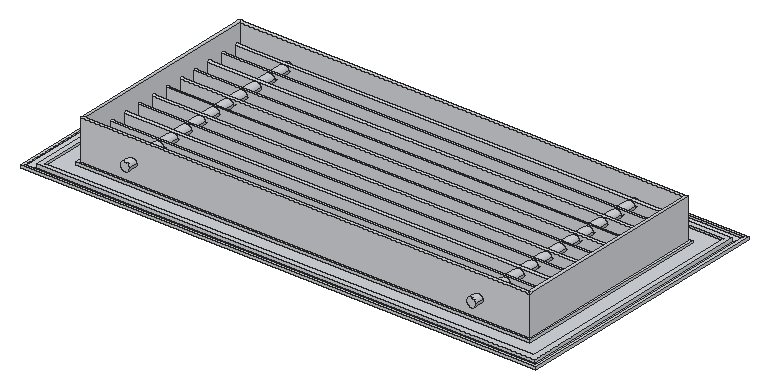
Revit family "TCD", category Air Terminals, Revit 2012
Parameters (values of type "TCD-118-24")
  b = Horizontal - 19/32"  # 12 13/32"
  a = Vertical - 19/32"  # 5 13/32"
  Vertical = 6"
  URL = "http://www.innes.com.mx"
  Separacion = 31/64"
  No. de elementos horizontales = Largo rejilla / Separacion  # 11
  Mínima velocidad de cuello = 0 FPM
  Mínima presión estática = 0.00 in-wg
  Máximo nivel de ruido (NC) = ""
  Máxima velocidad de cuello = 0 FPM
  Máxima presión estática = 0.00 in-wg
  Material = ""
  Manufacturer = "INNES"
  Largo rejilla = a - 17/64"  # 5 9/64"
  Horizontal = 13"
  Cuello = ""
  Barras verticales = b / 10  # 1.24063"
  B = Horizontal + 1 13/32"  # 14 13/32"
  ALTURA = 1 19/64"
  A = Vertical + 1 13/32"  # 7 13/32"
Types (3): name
  (no name)
  TCD-13-6
  TCD-118-24
Reference planes (in)
  plane 1 "Center (Front/Back)": y = 0
  plane 2: z = 0
  plane 3 "Center (Left/Right)": x = 0
  plane 4: y = 3
  plane 5: y = -3
  plane 6: x = -6.5
  plane 7: x = 6.5
  plane 8: x = 7.20313
  plane 9: x = -7.20312
  plane 10: y = -3.70313
  plane 11: y = 3.70312
  plane 12: x = -6.20312
  plane 13: x = 6.20313
  plane 14: y = 2.70312
  plane 15: y = -2.70313
  plane 16: z = 1.29687
  plane 17: z = 0.17187
  plane 18: z = 1.04687
  plane 19: y = 2.57031
  plane 20: y = -2.57031
  plane 21: x = -5.9375
  plane 22: z = 1.14062
  plane 23: x = 5.9375
  plane 24: x = 4.9625
  plane 25: x = -4.9625
  plane 26: x = -4.7125
  plane 27: x = 4.7125
Forms (in)
  Sweep 1, solid
    path origin (0, 0, 0) x (1, 0, 0) y (0, 1, 0)
      loop
        line (-6.5, 3) -> (-6.5, -3) -> (6.5, -3) -> (6.5, 3) -> (-6.5, 3)
    profile origin (0, 3, 0) x (0, 1, 0) y (0, 0, 1)
      loop
        line (0.44963, 0.0625) -> (0.44963, 0.16077) -> (0.32009, 0.16077) -> (0.32009, 0.09884) -> (0.39809, 0.09884) -> (0.39809, 0.0625) -> (-0.23438, 0.0625) -> (-0.23438, 0.09884) -> (-0.15468, 0.09884) -> (-0.15468, 0.16077) -> (-0.23438, 0.16077) -> (-0.23438, 1.26466)
        arc (-0.23438, 1.26466) -> (-0.26563, 1.29591) -> (-0.29688, 1.26466) r 0.03125
        line (-0.29688, 1.26466) -> (-0.29688, 0.0625) -> (-0.35956, 0.0625)
        arc (-0.35956, 0.0625) -> (-0.33349, 0.02607) -> (-0.29706, 0) r 0.13692
        line (-0.29706, 0) -> (0.21963, 0)
        arc (0.21963, 0) -> (0.46692, 0.02632) -> (0.70312, 0.10411) r 1.17478
        line (0.70312, 0.10411) -> (0.70312, 0.17188) -> (0.64062, 0.17188) -> (0.64062, 0.12718)
        arc (0.64062, 0.12718) -> (0.54682, 0.08985) -> (0.44963, 0.0625) r 0.96647
  Extrusion 2, solid
    sketch origin (0, 0, 0) x (1, 0, 0) y (0, 0, 1)
      loop
        circle (-4.83819, 0.64989) r 0.12586
    from -3 to 3
  Extrusion 3, solid
    sketch origin (0, 0, 0.00865) x (1, 0, 0) y (0, 0, 1)
      loop
        circle (4.83677, 0.63864) r 0.12359
    from -3 to 3
Dimensions and locks (in)
  equal spacing: plane 6, plane 3 "Center (Left/Right)", plane 7
  equal spacing: plane 4, plane 1 "Center (Front/Back)", plane 5
  "Horizontal": plane 6 to plane 7
  "Vertical": plane 4 to plane 5
  equal spacing: plane 9, plane 3 "Center (Left/Right)", plane 8
  "B": plane 9 to plane 8
  equal spacing: plane 11, plane 1 "Center (Front/Back)", plane 10
  "A": plane 11 to plane 10
  equal spacing: plane 14, plane 1 "Center (Front/Back)", plane 15
  "a": plane 14 to plane 15
  equal spacing: plane 12, plane 3 "Center (Left/Right)", plane 13
  "b": plane 12 to plane 13
  "ALTURA": plane 16 to level
  locked: plane 17 to level at 0.17188
  plane 16 to plane 18 = 1/4"
  equal spacing: group 1, group 2, group 3, group 4, group 5, group 6, group 7, group 8, group 9, group 10, group 11  (x2)
  equal spacing: group 11, group 10, group 9, group 8, group 7, group 6, group 5, group 4, group 3, group 2, group 1
  equal spacing: plane 19, plane 1 "Center (Front/Back)", plane 20
  "Largo rejilla": plane 19 to plane 20
  locked: plane 22 to level at 1.14063
  "Separacion": nested 1 to nested 2
  "Barras verticales": plane 24 to plane 13
  "Barras verticales": plane 12 to plane 25
  locked: plane 25 to plane 26 at 0.25
  locked: plane 27 to plane 24 at 0.25
  aligned and locked: plane 2 to level
  aligned and locked: Sweep 1 sketch curve to plane 4
  aligned and locked: plane 6 to Sweep 1 sketch curve
  aligned and locked: plane 5 to Sweep 1 sketch curve
  aligned and locked: Sweep 1 sketch curve to plane 7
  aligned and locked: nested 1 to plane 19
  aligned and locked: profile plane to Sweep 1 sketch curve
  aligned and locked: Sweep 1 sketch curve to plane 11
  aligned and locked: Sweep 1 sketch curve to plane 17
  aligned and locked: plane 14 to Sweep 1 sketch curve
  aligned and locked: Extrusion 2 to plane 5
  aligned and locked: plane 4 to Extrusion 2
  aligned and locked: plane 4 to Extrusion 3
  aligned and locked: Extrusion 3 to plane 5
Automatic sketch dimensions
  Sweep 1 sketch curve to Sweep 1 sketch curve = 0.00018"
  Sweep 1 sketch curve to Sweep 1 sketch curve = 1/32"
  Sweep 1 sketch curve to Sweep 1 sketch curve = 0.0023"  (x2)
  Sweep 1 sketch curve to plane 17 = 0.01111"  (x2)
  Sweep 1 sketch curve to Sweep 1 sketch curve = 0.07969"
  Sweep 1 sketch curve to plane 16 = 0.12209"
  Sweep 1 sketch curve to profile plane = 0.21963"
  Sweep 1 sketch curve to plane 18 = 0.04163"
  Sweep 1 sketch curve to Sweep 1 sketch curve = 0.01717"
  Sweep 1 sketch curve to Sweep 1 sketch curve = 0.10046"
  Sweep 1 sketch curve to Sweep 1 sketch curve = 0.07801"
  Sweep 1 sketch curve to Sweep 1 sketch curve = 0.05154"
  Sweep 1 sketch curve to Sweep 1 sketch curve = 1/16"
  level to Sweep 1 sketch curve = 1/16"
  Sweep 1 sketch curve to Sweep 1 sketch curve = 0.06038"
  Sweep 1 sketch curve to Sweep 1 sketch curve = 0"
  Sweep 1 sketch curve to Sweep 1 sketch curve = 0.06193"  (x2)
  Sweep 1 sketch curve to Sweep 1 sketch curve = 0.02405"
  Sweep 1 sketch curve to plane 16 = 0.03222"
  Extrusion 2 sketch curve to plane 26 = 0.12569"
  Extrusion 2 sketch curve to plane 22 = 0.49073"
  Extrusion 3 sketch curve to plane 22 = 0.49333"
  plane 27 to Extrusion 3 sketch curve = 0.12427"
  radius of Extrusion 2 sketch curve = 0.12586"
  radius of Extrusion 3 sketch curve = 0.12359"
Nested families (in)
  nested 1: "Rejilla TCC" at (0, 2.57031, 0.0625) x (-1, 0, 0) z (0, 0, 1), type "Rejilla TCC"
    with b 12 13/32"
  nested 2: "Rejilla TCC" at (0, 2.08594, 0.0625) x (-1, 0, 0) z (0, 0, 1), type "Rejilla TCC"
    with b 12 13/32"
  nested 3: "Rejilla TCC" at (0, 1.60156, 0.0625) x (-1, 0, 0) z (0, 0, 1), type "Rejilla TCC"
    with b 12 13/32"
  nested 4: "Rejilla TCC" at (0, 1.11719, 0.0625) x (-1, 0, 0) z (0, 0, 1), type "Rejilla TCC"
    with b 12 13/32"
  nested 5: "Rejilla TCC" at (0, 0.63281, 0.0625) x (-1, 0, 0) z (0, 0, 1), type "Rejilla TCC"
    with b 12 13/32"
  nested 6: "Rejilla TCC" at (0, 0.14844, 0.0625) x (-1, 0, 0) z (0, 0, 1), type "Rejilla TCC"
    with b 12 13/32"
  nested 7: "Rejilla TCC" at (0, -0.33594, 0.0625) x (-1, 0, 0) z (0, 0, 1), type "Rejilla TCC"
    with b 12 13/32"
  nested 8: "Rejilla TCC" at (0, -0.82031, 0.0625) x (-1, 0, 0) z (0, 0, 1), type "Rejilla TCC"
    with b 12 13/32"
  nested 9: "Rejilla TCC" at (0, -1.30469, 0.0625) x (-1, 0, 0) z (0, 0, 1), type "Rejilla TCC"
    with b 12 13/32"
  nested 10: "Rejilla TCC" at (0, -1.78906, 0.0625) x (-1, 0, 0) z (0, 0, 1), type "Rejilla TCC"
    with b 12 13/32"
  nested 11: "Rejilla TCC" at (0, -2.27344, 0.0625) x (-1, 0, 0) z (0, 0, 1), type "Rejilla TCC"
    with b 12 13/32"
Connectors (in)
  hvac at (0, 0, 0.16077), driven by "Vertical", driven by "Horizontal"
    settings: on Sweep 1, index 1, duct flow 0 CFM, flow factor 0, pres drop 0.00 in-wg, loss coef 0, conn angle 0.00°, conn width 13", conn height 6", conn radius 12", duct sys type 1, conn prof type 1, flow config 0, flow direction 0, loss method 0, conn ref index -1, conn util no, is conn primary yes, conn desc ""
Definition of nested family "Rejilla TCC"
  Parameters (values of type "Rejilla TCC")
    b = 9 7/16"
    Ancho = 9/32"
  Reference planes (in)
    plane 1 "Center (Front/Back)": y = 0
    plane 2: z = 0
    plane 3 "Center (Left/Right)": x = 0
    plane 4: x = -4.71875
    plane 5: x = 4.71875
    plane 6: z = 0.75
    plane 7: y = -0.14063
    plane 8: y = 0.14062
    plane 9: z = 0.42187
    plane 10: z = 0.34375
  Forms (in)
    Sweep 1, solid
      path origin (0, 0, 0) x (1, 0, 0) y (0, 1, 0)
        loop
          line (-4.71875, 0) -> (4.71875, 0)
      profile origin (0, 0, 0) x (0, 1, 0) y (0, 0, 1)
        loop
          line (-0.02486, 0) -> (0.19296, 0)
          arc (0.19296, 0) -> (0.21717, 0.01194) -> (0.22244, 0.03842) r 0.03052
          line (0.22244, 0.03842) -> (0.14648, 0.32189)
          arc (0.14648, 0.32189) -> (0.13595, 0.33765) -> (0.11799, 0.34375) r 0.0295
          line (0.11799, 0.34375) -> (0.04786, 0.34375) -> (0.03125, 0.42188) -> (0.03125, 0.73072)
          arc (0.03125, 0.73072) -> (0, 0.75) -> (-0.03125, 0.73072) r 0.03497
          line (-0.03125, 0.73072) -> (-0.03125, 0.42188) -> (-0.04786, 0.34375) -> (-0.10014, 0.34375)
          arc (-0.10014, 0.34375) -> (-0.12479, 0.3316) -> (-0.13015, 0.30465) r 0.03106
          line (-0.13015, 0.30465) -> (-0.05464, 0.02286)
          arc (-0.05464, 0.02286) -> (-0.04363, 0.00637) -> (-0.02486, 0) r 0.03084
  Dimensions and locks (in)
    equal spacing: plane 4, plane 3 "Center (Left/Right)", plane 5, locked at 4.71875 each
    "b": plane 4 to plane 5
    locked: plane 6 to level at 0.75
    equal spacing: plane 8, plane 1 "Center (Front/Back)", plane 7
    "Ancho": plane 8 to plane 7
    locked: plane 9 to level at 0.42188
    locked: plane 10 to level at 0.34375
    aligned and locked: plane 2 to level
  Automatic sketch dimensions
    plane 1 "Center (Front/Back)" to Sweep 1 sketch curve = 0"
    Sweep 1 sketch curve to plane 4 = 0"
    Sweep 1 sketch curve to plane 5 = 0"
    Sweep 1 sketch curve to plane 10 = 0"  (x2)
    Sweep 1 sketch curve to plane 9 = 0"  (x2)
    Sweep 1 sketch curve to level = 0"
    Sweep 1 sketch curve to profile plane = 0"
    profile plane to Sweep 1 sketch curve = 0.02486"
    profile plane to Sweep 1 sketch curve = 1/32"
    profile plane to Sweep 1 sketch curve = 0.04786"
    level to Sweep 1 sketch curve = 0.02286"
    Sweep 1 sketch curve to Sweep 1 sketch curve = 0.02979"
    Sweep 1 sketch curve to Sweep 1 sketch curve = 0.05229"
    Sweep 1 sketch curve to plane 10 = 0.0391"
    Sweep 1 sketch curve to Sweep 1 sketch curve = 0.03"
    Sweep 1 sketch curve to profile plane = 1/32"
    Sweep 1 sketch curve to profile plane = 0.04786"
    Sweep 1 sketch curve to plane 10 = 0.0295"
    Sweep 1 sketch curve to Sweep 1 sketch curve = 0.07014"
    Sweep 1 sketch curve to plane 10 = 0.02186"
    Sweep 1 sketch curve to profile plane = 0.19296"
    level to Sweep 1 sketch curve = 0.03842"
    Sweep 1 sketch curve to Sweep 1 sketch curve = 0.02948"
    plane 9 to Sweep 1 sketch curve = 0.29316"
    Sweep 1 sketch curve to Sweep 1 sketch curve = 0.01569"
